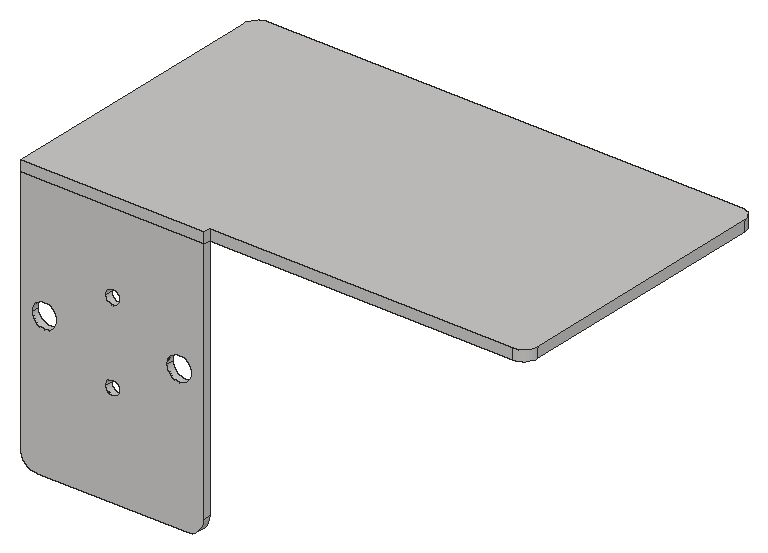
Revit family "SA-251 (1)", category Plumbing Fixtures, Revit 2023
Family settings
  Round Connector Dimension = Use Diameter
  Part Type = Normal
  OmniClass Number = 23.45.00.00
  OmniClass Title = Sanitary, Laundry, and Cleaning Equipment
  Work Plane-Based = No
  Enable Cutting in Views = No
  Always vertical = Yes
  Cut with Voids When Loaded = No
  Maintain Annotation Orientation = No
  Shared = No
  Room Calculation Point = No
Parameters
  Default Elevation = 0"
Reference planes (in)
  plane 1 "Center (Front/Back)": y = 0
  plane 2: z = 0
  plane 3 "Center (Left/Right)": x = 0
  plane 4: x = 3.53125
  plane 5: x = -3.53125
  plane 6: y = 4.125
  plane 7: z = 3.875
Forms (in)
  Extrusion 1, solid, material "stainless steel"
    sketch origin (0, 0, 0) x (1, 0, 0) y (0, 1, 0)
      loop
        arc (-3.33666, 4.125) -> (-3.47426, 4.06801) -> (-3.53125, 3.93041) r 0.19459
        line (-3.53125, 3.93041) -> (-3.53125, 0) -> (-0.94138, 0) -> (-0.94138, 0.09768) -> (3.33666, 0.09768)
        arc (3.33666, 0.09768) -> (3.47426, 0.15468) -> (3.53125, 0.29227) r 0.19459
        line (3.53125, 0.29227) -> (3.53125, 3.93041)
        arc (3.53125, 3.93041) -> (3.47426, 4.06801) -> (3.33666, 4.125) r 0.19459
        line (3.33666, 4.125) -> (-3.33666, 4.125)
    from 3.72807 to 3.875
  Extrusion 2, solid, material "stainless steel"
    sketch origin (0, 0, 3.62644) x (0, 0, 1) y (-1, 0, 0)
      loop
        line (0.10163, 3.53125) -> (-3.37644, 3.53125)
        arc (-3.37644, 3.53125) -> (-3.55322, 3.45803) -> (-3.62644, 3.28125) r 0.25
        line (-3.62644, 3.28125) -> (-3.62644, 1.19138)
        arc (-3.62644, 1.19138) -> (-3.55322, 1.0146) -> (-3.37644, 0.94138) r 0.25
        line (-3.37644, 0.94138) -> (0.10163, 0.94138) -> (0.10163, 3.53125)
      loop
        circle (-1.59499, 3.1864) r 0.17334
      loop
        circle (-1.02286, 2.22544) r 0.10016
      loop
        circle (-2.16712, 2.22544) r 0.10016
      loop
        circle (-1.59499, 1.28623) r 0.17334
    from -0.09768 to 0
Dimensions and locks (in)
  plane 5 to plane 4 = 7 1/16"
  plane 6 to plane 1 "Center (Front/Back)" = 4 1/8"
  aligned and locked: level to plane 2
  aligned and locked: Extrusion 2 sketch curve to plane 5
  aligned and locked: level to Extrusion 2 sketch curve
  aligned and locked: Extrusion 2 sketch curve to Extrusion 1
  aligned and locked: Extrusion 2 to Extrusion 1
  aligned and locked: plane 1 "Center (Front/Back)" to Extrusion 1
